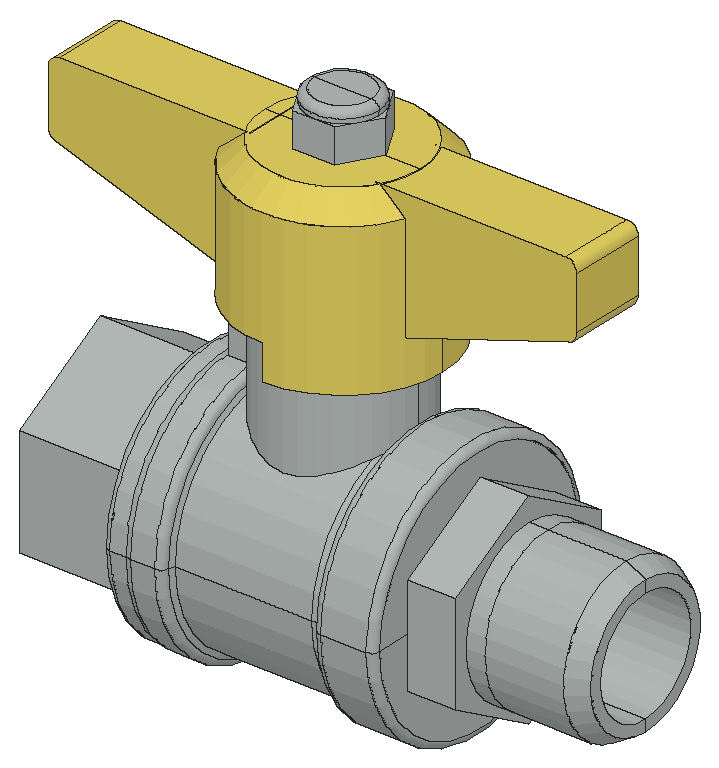
Revit family "QP02400000", category Apparecchi idraulici, Revit 2020
Family settings
  Quota connettore circolare = Usa diametro
  Tipo di parte = Normale
  Numero OmniClass = 23.45.00.00
  Titolo OmniClass = Sanitary, Laundry, and Cleaning Equipment
  Basato su piano di lavoro = No
  Sempre verticale = Sì
  Taglio con vuoti quando caricato = No
  Condiviso = No
  Punto di calcolo locali = No
Parameters
  URL = "https://web.cimberio.com/index.php/figura/310?subcategoria_id=95643"
  Temperatura di esercizio = "-20 ÷ 60°C"
  Prospetto di default = 0 mm
  Produttore = "CIMBERIO SPA"
  Pressione nominale = "MOP 5"
  Modello = "Cim 301G"
  Materiale = "Prodotto in lega di ottone conforme alla norma EN 12165-CW617N-DW"
  Descrizione = "Utilizzato nell’impiantistica distributiva di gas a bassa pressione per le categorie:\r\nGas naturali: gas derivati dal petrolio (Metano) e gas di ricambio.\r\nGas di città: prodotti secondo i diversi procedimenti (Cracking - Cokerie - ecc.).\r\nGas liquidi: propano e miscele di gas propano/butano"
  DN Model [instance] = QP02401015 : QP02401015
  DN [instance] = 15 mm
  Commenti sul tipo = "Realizzato in ottemperanza ai requisiti gestionali della norma EN ISO 9001.\r\nCollaudato al 100% secondo la normativa EN 12266-1"
Reference planes
  plane 1 "Centro (Fronte/Retro)": y = 0
  plane 2: z = 0
  plane 3 "Centro (Sinistra/Destra)": x = 0
Dimensions and locks
  aligned and locked: level to plane 2
Nested families
  nested 1: "QP02401015" at (0, 0, 0), type <- "DN Model", type "QP02401015"
  nested 2: "QP02401015" at (0, 0, 0), type <- "DN Model", type "QP02401015"
  nested 3: "QP02401015" at (0, 0, 0), type <- "DN Model", type "QP02401015"
  nested 4: "QP02401015" at (0, 0, 0), type <- "DN Model", type "QP02401015"
  nested 5: "QP02401015" at (0, 0, 0), type <- "DN Model", type "QP02401015"
  nested 6: "QP02401015" at (0, 0, 0), type <- "DN Model", type "QP02401015"
  nested 7: "QP02401015" at (0, 0, 0), type <- "DN Model", type "QP02401015"
  nested 8: "QP02401015" at (0, 0, 0), type <- "DN Model", type "QP02401015"
Connectors
  piping at (40.05, 0, 0), diameter 15, driven by "DN"
    settings: on nested 1, index 1, connector inside diameter 609.6 mm, connector length 0 mm, flow factor 0, pipe flow 0.0 L/s, pressure drop 0.0 Pa, fitting loss kfactor 0, connector angle 0.00°, fixture units 0, engagement length 0 mm, angle of deflection 0.00°, flow configuration 0, flow direction 0, fitting loss method 0, system type 7, joint type 0, gender type 0, connector reference index -1, connector utility 0, adjustable connector no, is connector primary yes, connector description ""
  piping at (-32.05, 0.017, 0), diameter 15, driven by "DN"
    settings: on nested 1, index 2, connector inside diameter 609.6 mm, connector length 0 mm, flow factor 0, pipe flow 0.0 L/s, pressure drop 0.0 Pa, fitting loss kfactor 0, connector angle 0.00°, fixture units 0, engagement length 0 mm, angle of deflection 0.00°, flow configuration 0, flow direction 0, fitting loss method 0, system type 7, joint type 0, gender type 0, connector reference index -1, connector utility 0, adjustable connector no, is connector primary no, connector description ""
Definition of nested family "QP02401015"
  Parameters (values of type "QP02401015")
    Default Elevation = 0 mm
  Reference planes
    plane 1 "Centro (Fronte/Retro)": y = 0
    plane 2: z = 0
    plane 3 "Centro (Sinistra/Destra)": x = 0
  Forms (mm)
    Revolve 1, solid
      sketch origin (0, 0, 0) x (1, 0, 0) y (0, 0, 1)
        loop
          line (0, 47.3) -> (-10.25, 47.3) -> (-13.25, 44.3) -> (-13.25, 24.3) -> (-8.92, 24.3) -> (-8.92, 33.247) -> (0, 33.247) -> (0, 47.3)
        axis (0, 47.3) -> (0, 24.3)
      angle from 0 to 360
    Extrusion 2, void
      sketch origin (0, 0, 28.55) x (1, 0, 0) y (0, 1, 0)
        loop
          line (-8.682, 0) -> (-12.843, 0)
          arc (-12.843, 0) -> (-11.056, -11.86) -> (0, -16.51) r 12.25
          line (0, -16.51) -> (0, -7.437)
          arc (0, -7.437) -> (-5.627, -5.22) -> (-8.682, 0) r 9.25
      from -7.705 to 0.295
    Extrusion 3, solid
      sketch origin (0, 0, 47.3) x (0, 1, 0) y (-1, 0, 0)
        loop
          line (0, 5.6) -> (-4.85, 2.8) -> (-4.85, -2.8) -> (0, -5.6) -> (4.85, -2.8) -> (4.85, 2.8) -> (0, 5.6)
      from 0 to 4.5
    Revolve 4, solid
      sketch origin (0, 0, 0.033) x (0, 1, 0) y (-1, 0, 0)
        loop
          line (7.5, 18.05) -> (7.5, -18.05) -> (16.5, -18.05)
          arc (16.5, -18.05) -> (17.207, -17.757) -> (17.5, -17.05) r 1
          line (17.5, -17.05) -> (17.5, -11)
          arc (17.5, -11) -> (17.207, -10.293) -> (16.5, -10) r 1
          line (16.5, -10) -> (15.75, -9.65) -> (15.75, -8.496) -> (15.75, 9.727) -> (16.5, 10)
          arc (16.5, 10) -> (17.207, 10.293) -> (17.5, 11) r 1
          line (17.5, 11) -> (17.5, 14.117) -> (17.25, 15.05) -> (17.25, 17.05)
          arc (17.25, 17.05) -> (16.957, 17.757) -> (16.25, 18.05) r 1
          line (16.25, 18.05) -> (7.5, 18.05)
        axis (0, 18.05) -> (0, -18.05)
      angle from 0 to 360
    Revolve 5, solid
      sketch origin (0, 0, 0) x (1, 0, 0) y (0, 0, 1)
        loop
          line (0, 28.8) -> (0, 11.324) -> (10.003, 11.324) -> (10.003, 28.8) -> (0, 28.8)
        axis (0, 28.8) -> (0, 11.324)
      angle from 0 to 360
    Extrusion 6, solid
      sketch origin (0, 0, 0) x (1, 0, 0) y (0, 0, 1)
        loop
          line (-9, 27.8) -> (-14, 27.8) -> (-14, 15.632) -> (-9, 15.632) -> (-9, 27.8)
      from -1.5 to 1.5
    Revolve 7, solid
      sketch origin (0, 0, 0) x (1, 0, 0) y (0, 0, 1)
        loop
          line (0, 33.247) -> (-8.299, 33.247) -> (-8.299, 31.791) -> (-7.423, 31.285) -> (-7.423, 30.49) -> (-8.299, 29.984) -> (-8.299, 29.189) -> (-7.423, 28.683) -> (-7.423, 27.74) -> (-8.299, 26.864) -> (-8.299, 25.951) -> (0, 25.951) -> (0, 33.247)
        axis (0, 33.247) -> (0, 25.951)
      angle from 0 to 360
    Revolve 8, solid
      sketch origin (0, 0, 0) x (1, 0, 0) y (0, 0, 1)
        loop
          line (0, 53.3) -> (0, 51.152) -> (4.75, 51.152) -> (4.75, 52.3)
          arc (4.75, 52.3) -> (4.457, 53.007) -> (3.75, 53.3) r 1
          line (3.75, 53.3) -> (0, 53.3)
        axis (0, 53.3) -> (0, 51.152)
      angle from 0 to 360
    Extrusion 9, solid
      sketch origin (-16, 0, 0) x (0, 0, 1) y (0, 1, 0)
        loop
          circle (0, 0) r 7.467
        loop
          line (15, 0) -> (7.206, 13.5) -> (-7.206, 13.5) -> (-15, 0) -> (-7.236, -13.448) -> (7.236, -13.448) -> (15, 0)
      from 2.05 to 16.05
    Extrusion 10, solid
      sketch origin (0, 0, 0) x (0, 1, 0) y (0, 0, 1)
        loop
          circle (0, 0) r 7.467
        loop
          line (0, 13.5) -> (-11.999, 6.572) -> (-11.999, -6.572) -> (0, -13.5) -> (11.984, -6.581) -> (11.984, 6.581) -> (0, 13.5)
      from 18.05 to 24.55
    Revolve 11, solid
      sketch origin (0, 0, 0) x (1, 0, 0) y (0, 0, 1)
        loop
          line (27.064, 10.45) -> (24.55, 10.45) -> (24.55, 7.5) -> (40.05, 7.5) -> (40.05, 9.007) -> (37.57, 10.45) -> (27.064, 10.45)
        axis (40.05, 0) -> (24.55, 0)
      angle from 0 to 360
    Extrusion 12, solid
      sketch origin (0, 0, 0) x (1, 0, 0) y (0, 0, 1)
        loop
          arc (-33.5, 47.3) -> (-34.561, 46.861) -> (-35, 45.8) r 1.5
          line (-35, 45.8) -> (-35, 38.727)
          arc (-35, 38.727) -> (-34.713, 37.844) -> (-33.961, 37.299) r 1.5
          line (-33.961, 37.299) -> (-12.42, 30.3) -> (-8.312, 30.3) -> (-8.312, 47.3) -> (-33.5, 47.3)
        loop
          line (33.5, 47.3) -> (8.312, 47.3) -> (8.312, 30.3) -> (12.42, 30.3) -> (33.961, 37.299)
          arc (33.961, 37.299) -> (34.713, 37.844) -> (35, 38.727) r 1.5
          line (35, 38.727) -> (35, 45.8)
          arc (35, 45.8) -> (34.561, 46.861) -> (33.5, 47.3) r 1.5
      from -5 to 5.047
  Cuts and joins
    Extrusion 2 cuts Revolve 1
    joined: Revolve 5, Extrusion 6
  Dimensions and locks
    aligned and locked: level to plane 2
